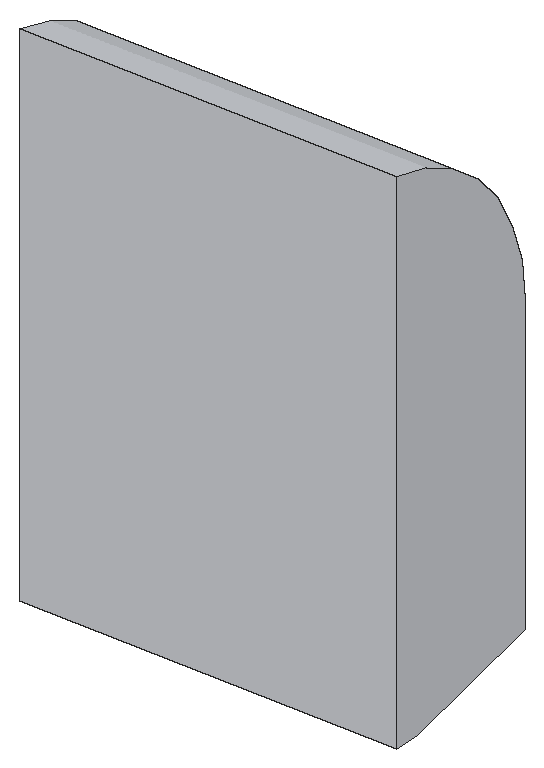
Revit family "DAN DRYER Stainless Design Mini Design 285", category Furniture Systems, host Wall, Revit 2017
Family settings
  Host = Wall
  Round Connector Dimension = Use Diameter
  Part Type = Normal
  Always vertical = Yes
  Cut with Voids When Loaded = No
  Shared = No
  Room Calculation Point = No
Parameters (values of type "Stål")
  Wicth = 338 mm
  URL = "http://www.dandryer.com/Files/Billeder/PDF/Datablade/Nye/Technical%20data%20sheet_%20285.pdf"
  Type Image = <None>
  Offset from Floor = 1000 mm
  Model = "Stainless design"
  Manufacturer = "http://www.dandryer.com/"
  Height = 460 mm
  Description = "STAINLESS DESIGN, Toilet roll holder art. no. 285"
  Cost = 0
Reference planes
  plane 1 "Wall": y = 0
  plane 2 "Center (Left/Right)": x = 125
  plane 3 "Back": y = 75
  plane 4 "Top": z = 1000
  plane 5 "Bund": z = 540
  plane 6: x = 294
  plane 7: x = -44
Forms (mm)
  Extrusion 1, solid
    sketch origin (125, 0, 0) x (0, 1, 0) y (0, 0, 1)
      loop
        line (75, 540) -> (97.679, 540) -> (219, 572.508) -> (219, 837.508)
        arc (219, 837.508) -> (177.82, 946.066) -> (75, 1000) r 163.68
        line (75, 1000) -> (75, 540)
    from -169 to 169
  Extrusion 2, solid
    sketch origin (125, 0, 0) x (0, 1, 0) y (0, 0, 1)
      loop
        line (197.861, 566.843) -> (133.494, 549.596) -> (134.27, 546.699) -> (198.637, 563.946) -> (197.861, 566.843)
    from -81.28 to 139.434
Text (mm)
  text "Placement Side" at (-1848.837, 1116.779, 0), in view "Ref. Level"
  text "Placement side" at (0, 1409.804, 2854.306), in view "Left"
  text "Placement side" at (0, 499.811, 2980.732), in view "Right"
Dimensions and locks
  locked: plane 3 "Back" to host wall
  "Height": plane 5 "Bund" to plane 4 "Top"
  equal spacing: plane 7, plane 2 "Center (Left/Right)", plane 6
  "Wicth": plane 7 to plane 6
  "Offset from Floor": level to plane 4 "Top"
  aligned and locked: plane 1 "Wall" to host wall
  aligned and locked: Extrusion 1 to plane 7
  aligned and locked: Extrusion 1 to plane 6
  aligned and locked: plane 4 "Top" to Extrusion 1 sketch curve
  aligned and locked: host wall to Extrusion 1 sketch curve
Automatic sketch dimensions
  Extrusion 1 sketch curve to plane 5 "Bund" = 0 mm
  Extrusion 1 sketch curve to host wall = 19.68 mm
  Extrusion 1 sketch curve to Extrusion 1 sketch curve = 22.679 mm
  plane 5 "Bund" to Extrusion 1 sketch curve = 32.508 mm
  Extrusion 1 sketch curve to Extrusion 1 sketch curve = 121.321 mm
  plane 5 "Bund" to Extrusion 2 sketch curve = 6.699 mm
  host wall to Extrusion 2 sketch curve = 59.27 mm
  plane 5 "Bund" to Extrusion 2 sketch curve = 23.946 mm
  plane 5 "Bund" to Extrusion 2 sketch curve = 9.596 mm
  Extrusion 2 sketch curve to Extrusion 2 sketch curve = 0.776 mm
